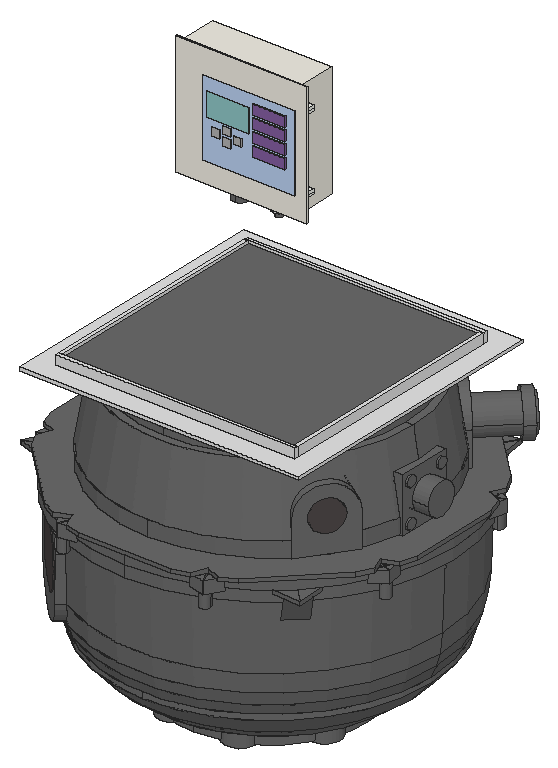
Revit family "281250s (200)", category Generic Models, Revit 2021
Family settings
  Can host rebar = No
  Round Connector Dimension = Use Diameter
  Part Type = Normal
  Work Plane-Based = No
  Always vertical = Yes
  Cut with Voids When Loaded = No
  Shared = Yes
  Room Calculation Point = No
Parameters (values of type "281250S")
  SUPPLIER = "KESSEL"
  SA700ID50 = "internal"
  SA700ID49 = "Protection Class I"
  SA700ID48 = "no"
  SA700ID47 = "no"
  SA700ID46 = "yes"
  SA700ID37 = 9000 mm
  SA700ID34 = 15.5
  SA700ID33 = 1.4 W
  SA700ID32 = 18.27 kg
  SA700ID31 = 1
  SA700ID30 = 1
  SA700ID29 = "RWDR"
  SA700ID21 = 900
  SA700ID10 = "No"
  SA700ID08 = 230 V
  PROCUREWEBLINK = "https://p.caden.as/kessel/281250S"
  PROCURELINK = "p.caden.as/kessel/281250S"
  PROCUREDATALASTUPDATE = "2024-05-22T12:17:21.284947562+01:00"
  PRC_SPECIFICATIONLINK = "https://ausschreiben.de/catalog/kessel/catalogItem/6dd9cbbd-9eb0-4519-be7c-f6a36aadcacb"
  NN = "Lifting station Aqualift S compact"
  NBSYN = "$SA810ID03. ($LODLEVEL.)"
  NB = "281250S (200)"
  Model = "281250S"
  Manufacturer = "KESSEL"
  MIdent = "{$CADENAS_DATA/23d-libs/kessel/kessel_vdi_import/4/entwaesserung/hebeanlage20aqualift20s20compact.prj},216 {STYP=ASS},{VTYP=3D},{NB=281250S (200)},{LINA=281250S},{NN=Lifting station Aqualift S compact},{DATE=21.11.2022 10:40:35},{GEOMDATE=21.11.2022 10:40:35},{VERSION=},{LINEID=180},{WBVAR=LODLEVEL},{WBNUMERIC=LODLEVEL}  {NB=281250S (200)},{LINA=281250S},{KT=DUMMY},{PREVIEW=../../bilder/ksb_w_281250s.png},{SA700ID04=Hebeanlage Aqualift S Compact, Tronic, GTF 1200, Bodenplatte, schwarz},{SA810ID06=04026092082683},{SA700ID34=15.50},{SA010ID03=201805},{SA810ID03=281250S},{SA810ID10=Die steckerfertige Hebeanlage für fäkalienfreies Abwasser ist mit einer überflutbaren Pumpe sowie einem Rückflussverhinderer ausgestattet. Der Sammelbehälter aus dauerhaft beständigem Kunststoff (PE) besitzt einen offenen Pumpenraum. Einhandverschlüsse ermöglichen die einfache Entnahme der integrierten Komponenten. Die Anlage zum Einbau in die Bodenplatte ist vormontiert zur bauseitigen Endmontage.Die Steuerung erfolgt durch ein anwenderfreundliches Schaltgerät, das optional über einen potentialfreien Kontakt in die Gebäudeleittechnik eingebunden werden oder Alarm- und Sammelstörmeldungen über eine GSM-Schnittstelle ausgeben kann.- mit teleskopischem Aufsatzstück für stufenlosen Höhen- und Niveauausgleich und integriertem Bodenablauf- Sammelbehälter aus PE, beständig gegen aggressive Abwässer und 3 m Grundwasser- inklusive Rückflussverhinderer für die Druckleitung- inklusive Stutzen für Zulauf und Kabelleerrohr- Pumpe mit Freistromrad für höchste BetriebssicherheitAusführung:Anlagenart: EinzelanlagePumpensteuerung: SchaltgerätRückflussverhinderer: integriertAuslieferungszustand: installationsfertig (Verbindungsteile sind bauseits anzuschließen)Einbausituation: Einbau in die BodenplatteAbwasserart: fäkalienfreiAllgemeine Merkmale:Farbe: schwarzNorm: EN 12050-2Abmessungen:Länge: 617 mmBreite: 585 mmBehälter/Grundkörper:Zulauf Nennweite (DN): 100 mmDruckabgang (DN): 32 mmDruckabgang (DA): 40 mmEinbautiefe: 490 - 620 mmNutzvolumen: 20 lArt der Höhenverstellbarkeit: teleskopisches AufsatzstückAbdeckungsmerkmale:Abdeckungsart: Abdeckplatte mit SchlitzrostAbdeckung Material: KunststoffAbdeckung Farbe: schwarzBelastungsklasse: K 3 (EN 1253-1)Länge: 366 mmBreite: 366 mmVerriegelung: Lock & LiftFreier Kugeldurchgang: 30 mmFördereinrichtung:Pumpe: GTF 1200Anzahl Pumpen: 1Förderleistung max.: 15,5 m3/hFörderhöhe max.: 9 mBetriebsspannung: 230 VNetzfrequenz: 50 HzBetriebsart: S3 - 10 %Leistung P1: 1,4 kWLeistung P2: 0,84 kWDrehzahl: 2.650 U/minErforderliche Absicherung (Leitungsschutz): C 16 AFörderguttemperatur (dauerhaft) max.: 40 °CAnschlusstyp: codierter SteckerLaufrad Typ: FreistromradLänge Netzanschlussleitung Pumpe: 5 mNennstrom: 6,2 ASchutzart Pumpe: IP 68 (3m)Typ Anschlussleitung Pumpe: H07RN-F 3G 1,0 mm2Temperaturüberwachung: integriertSteuerung:Schaltgerät: ComfortBetriebsspannung: 230 VNetzfrequenz: 50 HzSelbstdiagnosesystem (SDS): jaBatteriepufferung: jaMehrzeilige Displayanzeige: jaLogbuchfunktion: jaUSB-Schnittstelle: jaGSM-Schnittstelle: jaPotentialfreier Kontakt: optionalSchutzart Schaltgerät: IP 54Anschlusstyp: codierter SteckerLänge Netzanschlussleitung Schaltgerät: 1,4 mArt Niveauerfassung: pneumatischInstrument Niveauerfassung: TauchrohrAlarmgeber: optische Sonde},{SA700ID37=9.00},{SA700ID33=1.40},{SA700ID08=230},{SA700ID30=1},{SA700ID32=18.27},{SA700ID49=Schutzklasse I},{SA700ID50=intern},{SA200ID03=6},{SA250ID03=vertikal},{SA260ID03=Trockenläuferpumpe},{SA350ID03=normalansaugend},{SA400ID03=E-Motor für Wechselstrom},{SA460ID03=direkt},{SA500ID03=Kunststoff, Edelstahl},{SA700ID06=32},{SA700ID07=100},{SA700ID09=1/N/PE 230V },{SA700ID10=Nein},{SA700ID11=50},{SA700ID12=IP 68},{SA700ID13=F},{SA700ID15=35},{SA700ID21=900.00},{SA700ID22=0.84},{SA700ID23=2650},{SA700ID24=2650},{SA700ID26=6.20},{SA700ID27=14.90},{SA700ID28=durchgehend},{SA700ID29=RWDR},{SA700ID31=1},{SA700ID46=ja},{SA700ID47=nein},{SA700ID48=nein},{SA110ID04=Hebeanlage Aqualift S Compact},{SA300ID03=einstufig},{SA700ID44=10.00},{SA700ID45=10.00},{SA010ID04=KESSEL AG},{LODLEVEL=200},{LINK=https://www.kessel.de/info?han=281250S},{SA970ID01=970},{SA970ID02=14181},{SA970ID03=281250S},{SA970ID04=11002617},{SA970ID05=QUAD},{SA970ID06=-326},{SA970ID07=-291.04},{SA970ID08=0},{SA970ID09=1},{SA970ID10=0},{SA970ID11=0},{SA970ID12=0},{SA970ID13=1},{SA970ID14=0},{SA970ID15=617.04},{SA970ID16=582.09},{SA970ID17=506.5},{LODLEVEL_=200,'Low'},{LODLEVEL_DEU=200,'Low'},{LINK_=https://www.kessel.de/info?han=281250S},{LINK_DEU=https://www.kessel.de/info?han=281250S},{LODLEVEL_3DB=281250S_200},{DNIN1=100},{DNIN2=125},{DNIN3=100},{DNIN4=100},{DNOUT1=70},{DNOUT2=32},{ISD1=60},{ISD2=10},{ISD3=10},{SA010ID01=010},{SA010ID02=4},{SA010ID06=www.kessel.de},{SA010ID07=www.kessel.de},{SA010ID12=20180713},{SA010ID13=DEU},{SA010ID14=DE},{SA100ID01=100},{SA100ID02=4},{SA100ID04=Entwässerung},{SA110ID01=110},{SA110ID02=30},{SA200ID01=200},{SA200ID02=6},{SA250ID01=250},{SA250ID02=2},{SA260ID01=260},{SA260ID02=2},{SA300ID01=300},{SA300ID02=1},{SA350ID01=350},{SA350ID02=1},{SA400ID01=400},{SA400ID02=1},{SA460ID01=460},{SA460ID02=1},{SA500ID01=500},{SA500ID02=1},{SA700ID01=700},{SA700ID02=202},{SA700ID10_=0},{SA700ID16=0},{SA700ID25=0},{SA700ID46_=1},{SA700ID47_=0},{SA700ID48_=0},{SA700ID49_=1},{SA700ID50_=2},{SA800ID01=800},{SA800ID02=17},{SA810ID01=810},{SA810ID02=202},{SA810ID04=281250S},{SA810ID07=202},{SA810ID09=1},{SA810ID14=PCE},{SA810ID15=1},{SA810ID16=NMP},{SA960ID03=202},{SA960ID04=3L},{SA960ID08=https://www.kessel.de/info?han=281250S},{SA010ID08=4026092000007},{SA100ID05=Hebeanlage},{SA110ID06=Hebeanlage}"
  LINK = "https://www.kessel.de/info?han=281250S"
  LINA = "281250S"
  Default Elevation = 0 mm
  CREATOR = "CADENAS GmbH"
  CATALOG = "KESSEL"
  BOMINFO = "LINA"
  ARTICLENO = "NB"
  4.810.00.9 Order quantity (multiplicator) = "1"
  4.810.00.7 Media- connection number = "202"
  4.810.00.6 GTIN number = "04026092082683"
  4.810.00.4 DATANORM number = "281250S"
  4.810.00.3 Producer order number = "281250S"
  4.710.03.7 Mass (net) = 18.27 kg
  4.710.03.6 Height = 490 mm
  4.710.03.5 Width = 580 mm
  4.710.03.4 Length = 620 mm
  4.710.03.3 Type of dimensions = "2"
  4.710.02.8 Area of application of wastewater pump = "2"
  4.710.02.7 Art des S2/S3-Betriebs = "50 %"
  4.710.02.6 Duty type = "S3"
  4.710.02.5 Cutting device = "0"
  4.710.02.4 Attached pump control = "1"
  4.710.02.3 Free passage = 30 mm
  4.710.01.6 Option to connect to building automation = "30"
  4.710.01.5 Load regulation = "0"
  4.710.01.4 Designation of closed-loop control = "20"
  4.700.00.9 Voltage = 0
  4.700.00.8 Nominal connection size on suction side = "100"
  4.700.00.7 Nominal connection size on pressure side = "100"
  4.700.00.6 Type of connection = "32"
  4.700.00.4 Product indentification = "Hebeanlage Aqualift S Compact, Tronic, GTF 1200, Bodenplatte, schwarz"
  4.700.00.28 Motor pump shaft = "durchgehend"
  4.700.00.27 Starting current = 14.9
  4.700.00.26 Maximum power consumption per pump / drive = 6.2
  4.700.00.25 Minimum speed at internal speed adjustment = 0
  4.700.00.24 Nominal speed / maximum speed n = 44.1667
  4.700.00.23 Nominal speed of motor = 44.1667
  4.700.00.22 Maximum shaft output (P2) per pump/drive = 0.84 W
  4.700.00.16 Maximum temperature of pumped medium = 0 °C
  4.700.00.15 Increased safety class = "35 °C"
  4.700.00.13 Type of protection = "F"
  4.700.00.12 Frequency = 0
  4.700.00.11 Stern-/Dreieck-Anlaufschaltung bei Dreiphasenanschluss oder Drehstrom = "50 Hz"
  4.700.00.10 Phase = "0"
  4.500.00.3 Variant / Variant type / Accessories-name = "Kunststoff, Edelstahl"
  4.460.00.3 Variant / Variant type / Accessories-name = "direkt"
  4.400.00.3 Variant / Variant type / Accessories-name = "E-Motor für Wechselstrom"
  4.350.00.3 Variant / Variant type / Accessories-name = "normalansaugend"
  4.300.00.3 Variant / Variant type / Accessories-name = "einstufig"
  4.260.00.3 Variant / Variant type / Accessories-name = "Trockenläuferpumpe"
  4.250.00.3 Variant / Variant type / Accessories-name = "vertikal"
  4.200.00.3 Variant / Variant type / Accessories-name = "6"
  4.110.00.6 Product classification = "Hebeanlage"
  4.110.00.4 Product indentification = "Hebeanlage Aqualift S Compact"
  4.100.00.5 Main groups of wares = "Hebeanlage"
  4.100.00.4 Product indentification = "Entwässerung"
  4.010.00.8 Producer ID number = "4026092000007"
  4.010.00.7 Comment = "www.kessel.de"
  4.010.00.6 Web address of the manufacturer = "www.kessel.de"
  4.010.00.4 Manufacturer name = "KESSEL AG"
  4.010.00.3 Date of issuance (month) of guideline = "201805"
  4.010.00.2 Sheet number of the guideline = "4"
  4.010.00.14 Kennungen der Projektländer, für die die Datei gültig ist = "DE"
  4.010.00.13 Sprache der Datei = "DEU"
  4.010.00.12 Stand des Herstellerkatalogs = "20180713"
Reference planes
  plane 1 "Center (Front/Back)": y = 0
  plane 2: z = 0
  plane 3 "Center (Left/Right)": x = 0
Forms (mm)
  Extrusion 1, void
    sketch origin (-161, 217, 518.2) x (0, 1, 0) y (-1, 0, 0)
      loop
        line (-0.5, -0.5) -> (0.5, -0.5) -> (0.5, 0.5) -> (-0.5, 0.5) -> (-0.5, -0.5)
    from 0 to 1
  Extrusion 2, void
    sketch origin (-197.283, 197.283, 209) x (-0.707107, -0.707107, 0) y (0, 0, -1)
      loop
        line (-0.5, -0.5) -> (0.5, -0.5) -> (0.5, 0.5) -> (-0.5, 0.5) -> (-0.5, -0.5)
    from 0 to 1
  Extrusion 3, void
    sketch origin (-197.283, -197.283, 209) x (0.707107, -0.707107, 0) y (0, 0, -1)
      loop
        line (-0.5, -0.5) -> (0.5, -0.5) -> (0.5, 0.5) -> (-0.5, 0.5) -> (-0.5, -0.5)
    from 0 to 1
  Extrusion 4, void
    sketch origin (-247, 0, 370) x (0, -1, 0) y (0, 0, -1)
      loop
        line (-0.5, -0.5) -> (0.5, -0.5) -> (0.5, 0.5) -> (-0.5, 0.5) -> (-0.5, -0.5)
    from 0 to 1
  Extrusion 5, void
    sketch origin (242.226, 228.084, 376) x (-0.707107, 0.707107, 0) y (0, 0, -1)
      loop
        line (-0.5, -0.5) -> (0.5, -0.5) -> (0.5, 0.5) -> (-0.5, 0.5) -> (-0.5, -0.5)
    from 0 to 1
  Extrusion 6, void
    sketch origin (228.084, 242.226, 376) x (-0.707107, 0.707107, 0) y (0, 0, -1)
      loop
        line (-0.5, -0.5) -> (0.5, -0.5) -> (0.5, 0.5) -> (-0.5, 0.5) -> (-0.5, -0.5)
    from 0 to 1
  Extrusion 7, void
    sketch origin (242.226, 228.084, 364) x (-0.707107, 0.707107, 0) y (0, 0, -1)
      loop
        line (-0.5, -0.5) -> (0.5, -0.5) -> (0.5, 0.5) -> (-0.5, 0.5) -> (-0.5, -0.5)
    from 0 to 1
  Extrusion 8, void
    sketch origin (228.084, 242.226, 364) x (-0.707107, 0.707107, 0) y (0, 0, -1)
      loop
        line (-0.5, -0.5) -> (0.5, -0.5) -> (0.5, 0.5) -> (-0.5, 0.5) -> (-0.5, -0.5)
    from 0 to 1
Dimensions and locks
  locked: plane 2 to Extrusion 1 at 519.2
  locked: plane 2 to Extrusion 1 at 518.2
  locked: plane 2 to Extrusion 2 at 208.5
  locked: plane 2 to Extrusion 2 at 209.5
  locked: plane 2 to Extrusion 3 at 208.5
  locked: plane 2 to Extrusion 3 at 209.5
  locked: plane 2 to Extrusion 4 at 369.5
  locked: plane 2 to Extrusion 4 at 370.5
  locked: plane 2 to Extrusion 5 at 375.5
  locked: plane 2 to Extrusion 5 at 376.5
  locked: plane 2 to Extrusion 6 at 375.5
  locked: plane 2 to Extrusion 6 at 376.5
  locked: plane 2 to Extrusion 7 at 363.5
  locked: plane 2 to Extrusion 7 at 364.5
  locked: plane 2 to Extrusion 8 at 363.5
  locked: plane 2 to Extrusion 8 at 364.5
  aligned and locked: level to plane 2
Nested families
  nested 1: "281250s (200)_content" at (0, 0, 0), type "281250S (200)_Content"
  nested 2: "281250s (200)_part1_X0Y0" at (-194, 244.5, 558), type "281250S_PART1_X0Y0"
  nested 3: "281250s (200)_part2_X0Y0" at (0, 0, 0), type "281250S_PART2_X0Y0"
Connectors
  electrical at (-257.5, 217, 524.5)
    settings: on nested 2, index 1, voltage 0 V, apparent load 0 VA, apparent load phase1 0 VA, apparent load phase2 0 VA, apparent load phase3 0 VA, power factor 1, load classification "Other", number of poles 1, system type 31, power factor state 1, is connector primary yes, connector utility no, sub classification motor no, connector description ""
  electrical at (-223, 217, 521)
    settings: on nested 2, index 2, voltage 0 V, apparent load 0 VA, apparent load phase1 0 VA, apparent load phase2 0 VA, apparent load phase3 0 VA, power factor 1, load classification "Other", number of poles 1, system type 31, power factor state 1, is connector primary no, connector utility no, sub classification motor no, connector description ""
  electrical at (-189, 217, 530.9)
    settings: on nested 2, index 3, voltage 0 V, apparent load 0 VA, apparent load phase1 0 VA, apparent load phase2 0 VA, apparent load phase3 0 VA, power factor 1, load classification "Other", number of poles 1, system type 31, power factor state 1, is connector primary no, connector utility no, sub classification motor no, connector description ""
  electrical at (-161, 217, 518.2)
    settings: on Extrusion 1, index 4, voltage 0 V, apparent load 0 VA, apparent load phase1 0 VA, apparent load phase2 0 VA, apparent load phase3 0 VA, power factor 1, load classification "Other", number of poles 1, system type 31, power factor state 1, is connector primary no, connector utility no, sub classification motor no, connector description ""
  electrical at (-136.5, 217, 557.2)
    settings: on nested 2, index 5, voltage 0 V, apparent load 0 VA, apparent load phase1 0 VA, apparent load phase2 0 VA, apparent load phase3 0 VA, power factor 1, load classification "Other", number of poles 1, system type 31, power factor state 1, is connector primary no, connector utility no, sub classification motor no, connector description ""
  electrical at (-114.5, 217, 557.2)
    settings: on nested 2, index 6, voltage 0 V, apparent load 0 VA, apparent load phase1 0 VA, apparent load phase2 0 VA, apparent load phase3 0 VA, power factor 1, load classification "Other", number of poles 1, system type 31, power factor state 1, is connector primary no, connector utility no, sub classification motor no, connector description ""
  piping at (-326, 0, 209), diameter 125
    settings: on nested 3, index 7, connector inside diameter 609.6 mm, connector length 0 mm, flow factor 0, pipe flow 0.0 L/s, pressure drop 0.0 Pa, fitting loss kfactor 0, connector angle 0.00°, fixture units 0, engagement length 0 mm, angle of deflection 0.00°, flow configuration 0, flow direction 1, fitting loss method 2, system type 29, joint type 0, gender type 0, connector reference index -1, connector utility 0, adjustable connector no, is connector primary yes, connector description ""
  piping at (-197.283, 197.283, 209), diameter 100
    settings: on Extrusion 2, index 8, connector inside diameter 609.6 mm, connector length 0 mm, flow factor 0, pipe flow 0.0 L/s, pressure drop 0.0 Pa, fitting loss kfactor 0, connector angle 0.00°, fixture units 0, engagement length 0 mm, angle of deflection 0.00°, flow configuration 0, flow direction 0, fitting loss method 2, system type 29, joint type 0, gender type 0, connector reference index -1, connector utility 0, adjustable connector no, is connector primary no, connector description ""
  piping at (-197.283, -197.283, 209), diameter 100
    settings: on Extrusion 3, index 9, connector inside diameter 609.6 mm, connector length 0 mm, flow factor 0, pipe flow 0.0 L/s, pressure drop 0.0 Pa, fitting loss kfactor 0, connector angle 0.00°, fixture units 0, engagement length 0 mm, angle of deflection 0.00°, flow configuration 0, flow direction 0, fitting loss method 2, system type 29, joint type 0, gender type 0, connector reference index -1, connector utility 0, adjustable connector no, is connector primary no, connector description ""
  piping at (-247, 0, 370), diameter 70
    settings: on Extrusion 4, index 10, connector inside diameter 609.6 mm, connector length 0 mm, flow factor 0, pipe flow 0.0 L/s, pressure drop 0.0 Pa, fitting loss kfactor 0, connector angle 0.00°, fixture units 0, engagement length 0 mm, angle of deflection 0.00°, flow configuration 0, flow direction 0, fitting loss method 2, system type 29, joint type 0, gender type 0, connector reference index -1, connector utility 0, adjustable connector no, is connector primary no, connector description ""
  piping at (272.5, -3, 363.25), diameter 32
    settings: on nested 3, index 11, connector inside diameter 609.6 mm, connector length 0 mm, flow factor 0, pipe flow 0.0 L/s, pressure drop 0.0 Pa, fitting loss kfactor 0, connector angle 0.00°, fixture units 0, engagement length 0 mm, angle of deflection 0.00°, flow configuration 0, flow direction 2, fitting loss method 2, system type 29, joint type 0, gender type 0, connector reference index -1, connector utility 0, adjustable connector no, is connector primary no, connector description ""
  electrical at (242.226, 228.084, 376)
    settings: on Extrusion 5, index 12, voltage 0 V, apparent load 0 VA, apparent load phase1 0 VA, apparent load phase2 0 VA, apparent load phase3 0 VA, power factor 1, load classification "Other", number of poles 1, system type 31, power factor state 1, is connector primary no, connector utility no, sub classification motor no, connector description ""
  electrical at (228.084, 242.226, 376)
    settings: on Extrusion 6, index 13, voltage 0 V, apparent load 0 VA, apparent load phase1 0 VA, apparent load phase2 0 VA, apparent load phase3 0 VA, power factor 1, load classification "Other", number of poles 1, system type 31, power factor state 1, is connector primary no, connector utility no, sub classification motor no, connector description ""
  electrical at (242.226, 228.084, 364)
    settings: on Extrusion 7, index 14, voltage 0 V, apparent load 0 VA, apparent load phase1 0 VA, apparent load phase2 0 VA, apparent load phase3 0 VA, power factor 1, load classification "Other", number of poles 1, system type 31, power factor state 1, is connector primary no, connector utility no, sub classification motor no, connector description ""
  electrical at (228.084, 242.226, 364)
    settings: on Extrusion 8, index 15, voltage 0 V, apparent load 0 VA, apparent load phase1 0 VA, apparent load phase2 0 VA, apparent load phase3 0 VA, power factor 1, load classification "Other", number of poles 1, system type 31, power factor state 1, is connector primary no, connector utility no, sub classification motor no, connector description ""
Definition of nested family "281250s (200)_part1_X0Y0"
  Parameters (values of type "281250S_PART1_X0Y0")
    SUPPLIER = "KESSEL"
    SA700ID50 = "internal"
    SA700ID49 = "Protection Class I"
    SA700ID48 = "no"
    SA700ID47 = "no"
    SA700ID46 = "yes"
    SA700ID37 = 9000 mm
    SA700ID34 = 15.5
    SA700ID33 = 1.4 W
    SA700ID32 = 18.27 kg
    SA700ID31 = 1
    SA700ID30 = 1
    SA700ID29 = "RWDR"
    SA700ID21 = 900
    SA700ID10 = "No"
    SA700ID08 = 230 V
    NBSYN = "$SA810ID03. ($LODLEVEL.)_PART1"
    NB = "281250S (200)_PART1"
    Model = "281250S_PART1"
    Manufacturer = "KESSEL"
    MIdent = "{$CADENAS_DATA/23d-libs/kessel/kessel_vdi_import/4/entwaesserung/hebeanlage20aqualift20s20compact.prj},236 {VTYP=3D},{NB=281250S (200)_PART1},{LINA=281250S_PART1},{NN=Lifting station Aqualift S compact_PART1},{NOPRJ=TRUE},{DATE=21.11.2022 10:40:35},{GEOMDATE=21.11.2022 10:40:35},{VERSION=},{LINEID=180},{WBVAR=LODLEVEL},{WBNUMERIC=LODLEVEL}  {NB=281250S (200)_PART1},{LINA=281250S_PART1},{KT=DUMMY},{PREVIEW=../../bilder/ksb_w_281250s.png},{SA700ID04=Hebeanlage Aqualift S Compact, Tronic, GTF 1200, Bodenplatte, schwarz},{SA810ID06=04026092082683},{SA700ID34=15.50},{SA010ID03=201805},{SA810ID03=281250S},{SA810ID10=Die steckerfertige Hebeanlage für fäkalienfreies Abwasser ist mit einer überflutbaren Pumpe sowie einem Rückflussverhinderer ausgestattet. Der Sammelbehälter aus dauerhaft beständigem Kunststoff (PE) besitzt einen offenen Pumpenraum. Einhandverschlüsse ermöglichen die einfache Entnahme der integrierten Komponenten. Die Anlage zum Einbau in die Bodenplatte ist vormontiert zur bauseitigen Endmontage.Die Steuerung erfolgt durch ein anwenderfreundliches Schaltgerät, das optional über einen potentialfreien Kontakt in die Gebäudeleittechnik eingebunden werden oder Alarm- und Sammelstörmeldungen über eine GSM-Schnittstelle ausgeben kann.- mit teleskopischem Aufsatzstück für stufenlosen Höhen- und Niveauausgleich und integriertem Bodenablauf- Sammelbehälter aus PE, beständig gegen aggressive Abwässer und 3 m Grundwasser- inklusive Rückflussverhinderer für die Druckleitung- inklusive Stutzen für Zulauf und Kabelleerrohr- Pumpe mit Freistromrad für höchste BetriebssicherheitAusführung:Anlagenart: EinzelanlagePumpensteuerung: SchaltgerätRückflussverhinderer: integriertAuslieferungszustand: installationsfertig (Verbindungsteile sind bauseits anzuschließen)Einbausituation: Einbau in die BodenplatteAbwasserart: fäkalienfreiAllgemeine Merkmale:Farbe: schwarzNorm: EN 12050-2Abmessungen:Länge: 617 mmBreite: 585 mmBehälter/Grundkörper:Zulauf Nennweite (DN): 100 mmDruckabgang (DN): 32 mmDruckabgang (DA): 40 mmEinbautiefe: 490 - 620 mmNutzvolumen: 20 lArt der Höhenverstellbarkeit: teleskopisches AufsatzstückAbdeckungsmerkmale:Abdeckungsart: Abdeckplatte mit SchlitzrostAbdeckung Material: KunststoffAbdeckung Farbe: schwarzBelastungsklasse: K 3 (EN 1253-1)Länge: 366 mmBreite: 366 mmVerriegelung: Lock & LiftFreier Kugeldurchgang: 30 mmFördereinrichtung:Pumpe: GTF 1200Anzahl Pumpen: 1Förderleistung max.: 15,5 m3/hFörderhöhe max.: 9 mBetriebsspannung: 230 VNetzfrequenz: 50 HzBetriebsart: S3 - 10 %Leistung P1: 1,4 kWLeistung P2: 0,84 kWDrehzahl: 2.650 U/minErforderliche Absicherung (Leitungsschutz): C 16 AFörderguttemperatur (dauerhaft) max.: 40 °CAnschlusstyp: codierter SteckerLaufrad Typ: FreistromradLänge Netzanschlussleitung Pumpe: 5 mNennstrom: 6,2 ASchutzart Pumpe: IP 68 (3m)Typ Anschlussleitung Pumpe: H07RN-F 3G 1,0 mm2Temperaturüberwachung: integriertSteuerung:Schaltgerät: ComfortBetriebsspannung: 230 VNetzfrequenz: 50 HzSelbstdiagnosesystem (SDS): jaBatteriepufferung: jaMehrzeilige Displayanzeige: jaLogbuchfunktion: jaUSB-Schnittstelle: jaGSM-Schnittstelle: jaPotentialfreier Kontakt: optionalSchutzart Schaltgerät: IP 54Anschlusstyp: codierter SteckerLänge Netzanschlussleitung Schaltgerät: 1,4 mArt Niveauerfassung: pneumatischInstrument Niveauerfassung: TauchrohrAlarmgeber: optische Sonde},{SA700ID37=9.00},{SA700ID33=1.40},{SA700ID08=230},{SA700ID30=1},{SA700ID32=18.27},{SA700ID49=Schutzklasse I},{SA700ID50=intern},{SA200ID03=6},{SA250ID03=vertikal},{SA260ID03=Trockenläuferpumpe},{SA350ID03=normalansaugend},{SA400ID03=E-Motor für Wechselstrom},{SA460ID03=direkt},{SA500ID03=Kunststoff, Edelstahl},{SA700ID06=32},{SA700ID07=100},{SA700ID09=1/N/PE 230V },{SA700ID10=Nein},{SA700ID11=50},{SA700ID12=IP 68},{SA700ID13=F},{SA700ID15=35},{SA700ID21=900.00},{SA700ID22=0.84},{SA700ID23=2650},{SA700ID24=2650},{SA700ID26=6.20},{SA700ID27=14.90},{SA700ID28=durchgehend},{SA700ID29=RWDR},{SA700ID31=1},{SA700ID46=ja},{SA700ID47=nein},{SA700ID48=nein},{SA110ID04=Hebeanlage Aqualift S Compact},{SA300ID03=einstufig},{SA700ID44=10.00},{SA700ID45=10.00},{SA010ID04=KESSEL AG},{LODLEVEL=200},{LINK=https://www.kessel.de/info?han=281250S},{SA970ID01=970},{SA970ID02=14181},{SA970ID03=281250S},{SA970ID04=11002617},{SA970ID05=QUAD},{SA970ID06=-326},{SA970ID07=-291.04},{SA970ID08=0},{SA970ID09=1},{SA970ID10=0},{SA970ID11=0},{SA970ID12=0},{SA970ID13=1},{SA970ID14=0},{SA970ID15=617.04},{SA970ID16=582.09},{SA970ID17=506.5},{LODLEVEL_=200,'Low'},{LODLEVEL_DEU=200,'Low'},{LINK_=https://www.kessel.de/info?han=281250S},{LINK_DEU=https://www.kessel.de/info?han=281250S},{LODLEVEL_3DB=281250S_200},{DNIN1=100},{DNIN2=125},{DNIN3=100},{DNIN4=100},{DNOUT1=70},{DNOUT2=32},{ISD1=60},{ISD2=10},{ISD3=10},{SA010ID01=010},{SA010ID02=4},{SA010ID06=www.kessel.de},{SA010ID07=www.kessel.de},{SA010ID12=20180713},{SA010ID13=DEU},{SA010ID14=DE},{SA100ID01=100},{SA100ID02=4},{SA100ID04=Entwässerung},{SA110ID01=110},{SA110ID02=30},{SA200ID01=200},{SA200ID02=6},{SA250ID01=250},{SA250ID02=2},{SA260ID01=260},{SA260ID02=2},{SA300ID01=300},{SA300ID02=1},{SA350ID01=350},{SA350ID02=1},{SA400ID01=400},{SA400ID02=1},{SA460ID01=460},{SA460ID02=1},{SA500ID01=500},{SA500ID02=1},{SA700ID01=700},{SA700ID02=202},{SA700ID10_=0},{SA700ID16=0},{SA700ID25=0},{SA700ID46_=1},{SA700ID47_=0},{SA700ID48_=0},{SA700ID49_=1},{SA700ID50_=2},{SA800ID01=800},{SA800ID02=17},{SA810ID01=810},{SA810ID02=202},{SA810ID04=281250S},{SA810ID07=202},{SA810ID09=1},{SA810ID14=PCE},{SA810ID15=1},{SA810ID16=NMP},{SA960ID03=202},{SA960ID04=3L},{SA960ID08=https://www.kessel.de/info?han=281250S},{SA010ID08=4026092000007},{SA100ID05=Hebeanlage},{SA110ID06=Hebeanlage}"
    LINK = "https://www.kessel.de/info?han=281250S"
    LINA = "281250S_PART1"
    Default Elevation = 1219.2 mm
    CREATOR = "CADENAS GmbH"
    CATALOG = "KESSEL"
    BOMINFO = "LINA"
    ARTICLENO = "NB"
    4.810.00.9 Order quantity (multiplicator) = "1"
    4.810.00.7 Media- connection number = "202"
    4.810.00.6 GTIN number = "04026092082683"
    4.810.00.4 DATANORM number = "281250S"
    4.810.00.3 Producer order number = "281250S"
    4.710.03.7 Mass (net) = 18.27 kg
    4.710.03.6 Height = 490 mm
    4.710.03.5 Width = 580 mm
    4.710.03.4 Length = 620 mm
    4.710.03.3 Type of dimensions = "2"
    4.710.02.8 Area of application of wastewater pump = "2"
    4.710.02.7 Art des S2/S3-Betriebs = "50 %"
    4.710.02.6 Duty type = "S3"
    4.710.02.5 Cutting device = "0"
    4.710.02.4 Attached pump control = "1"
    4.710.02.3 Free passage = 30 mm
    4.710.01.6 Option to connect to building automation = "30"
    4.710.01.5 Load regulation = "0"
    4.710.01.4 Designation of closed-loop control = "20"
    4.700.00.9 Voltage = 0
    4.700.00.8 Nominal connection size on suction side = "100"
    4.700.00.7 Nominal connection size on pressure side = "100"
    4.700.00.6 Type of connection = "32"
    4.700.00.4 Product indentification = "Hebeanlage Aqualift S Compact, Tronic, GTF 1200, Bodenplatte, schwarz"
    4.700.00.28 Motor pump shaft = "durchgehend"
    4.700.00.27 Starting current = 14.9
    4.700.00.26 Maximum power consumption per pump / drive = 6.2
    4.700.00.25 Minimum speed at internal speed adjustment = 0
    4.700.00.24 Nominal speed / maximum speed n = 44.1667
    4.700.00.23 Nominal speed of motor = 44.1667
    4.700.00.22 Maximum shaft output (P2) per pump/drive = 0.84 W
    4.700.00.16 Maximum temperature of pumped medium = 0 °C
    4.700.00.15 Increased safety class = "35 °C"
    4.700.00.13 Type of protection = "F"
    4.700.00.12 Frequency = 0
    4.700.00.11 Stern-/Dreieck-Anlaufschaltung bei Dreiphasenanschluss oder Drehstrom = "50 Hz"
    4.700.00.10 Phase = "0"
    4.500.00.3 Variant / Variant type / Accessories-name = "Kunststoff, Edelstahl"
    4.460.00.3 Variant / Variant type / Accessories-name = "direkt"
    4.400.00.3 Variant / Variant type / Accessories-name = "E-Motor für Wechselstrom"
    4.350.00.3 Variant / Variant type / Accessories-name = "normalansaugend"
    4.300.00.3 Variant / Variant type / Accessories-name = "einstufig"
    4.260.00.3 Variant / Variant type / Accessories-name = "Trockenläuferpumpe"
    4.250.00.3 Variant / Variant type / Accessories-name = "vertikal"
    4.200.00.3 Variant / Variant type / Accessories-name = "6"
    4.110.00.6 Product classification = "Hebeanlage"
    4.110.00.4 Product indentification = "Hebeanlage Aqualift S Compact"
    4.100.00.5 Main groups of wares = "Hebeanlage"
    4.100.00.4 Product indentification = "Entwässerung"
    4.010.00.8 Producer ID number = "4026092000007"
    4.010.00.7 Comment = "www.kessel.de"
    4.010.00.6 Web address of the manufacturer = "www.kessel.de"
    4.010.00.4 Manufacturer name = "KESSEL AG"
    4.010.00.3 Date of issuance (month) of guideline = "201805"
    4.010.00.2 Sheet number of the guideline = "4"
    4.010.00.14 Kennungen der Projektländer, für die die Datei gültig ist = "DE"
    4.010.00.13 Sprache der Datei = "DEU"
    4.010.00.12 Stand des Herstellerkatalogs = "20180713"
  Reference planes
    plane 1 "Center (Front/Back)": y = 0
    plane 2: z = 0
    plane 3 "Center (Left/Right)": x = 0
  Dimensions and locks
    aligned and locked: level to plane 2
  Nested families
    nested 1: "281250s (200)_part1_content" at (0, 0, 0), type "281250S (200)_PART1_Content"
  Definition of nested family "281250s (200)_part1_content"
    Parameters (values of type "281250S (200)_PART1_Content")
      SUPPLIER = "KESSEL"
      SA700ID50 = "internal"
      SA700ID49 = "Protection Class I"
      SA700ID48 = "no"
      SA700ID47 = "no"
      SA700ID46 = "yes"
      SA700ID37 = 9000 mm
      SA700ID34 = 15.5
      SA700ID33 = 1.4 W
      SA700ID32 = 18.27 kg
      SA700ID31 = 1
      SA700ID30 = 1
      SA700ID29 = "RWDR"
      SA700ID21 = 900
      SA700ID10 = "No"
      SA700ID08 = 230 V
      NBSYN = "$SA810ID03. ($LODLEVEL.)_PART1"
      NB = "281250S (200)_PART1"
      Model = "281250S_PART1"
      Manufacturer = "KESSEL"
      LINK = "https://www.kessel.de/info?han=281250S"
      LINA = "281250S_PART1"
      Default Elevation = 1219.2 mm
      CREATOR = "CADENAS GmbH"
      CATALOG = "KESSEL"
      BOMINFO = "LINA"
      ARTICLENO = "NB"
      4.810.00.9 Order quantity (multiplicator) = "1"
      4.810.00.7 Media- connection number = "202"
      4.810.00.6 GTIN number = "04026092082683"
      4.810.00.4 DATANORM number = "281250S"
      4.810.00.3 Producer order number = "281250S"
      4.710.03.7 Mass (net) = 18.27 kg
      4.710.03.6 Height = 490 mm
      4.710.03.5 Width = 580 mm
      4.710.03.4 Length = 620 mm
      4.710.03.3 Type of dimensions = "2"
      4.710.02.8 Area of application of wastewater pump = "2"
      4.710.02.7 Art des S2/S3-Betriebs = "50 %"
      4.710.02.6 Duty type = "S3"
      4.710.02.5 Cutting device = "0"
      4.710.02.4 Attached pump control = "1"
      4.710.02.3 Free passage = 30 mm
      4.710.01.6 Option to connect to building automation = "30"
      4.710.01.5 Load regulation = "0"
      4.710.01.4 Designation of closed-loop control = "20"
      4.700.00.9 Voltage = 0
      4.700.00.8 Nominal connection size on suction side = "100"
      4.700.00.7 Nominal connection size on pressure side = "100"
      4.700.00.6 Type of connection = "32"
      4.700.00.4 Product indentification = "Hebeanlage Aqualift S Compact, Tronic, GTF 1200, Bodenplatte, schwarz"
      4.700.00.28 Motor pump shaft = "durchgehend"
      4.700.00.27 Starting current = 14.9
      4.700.00.26 Maximum power consumption per pump / drive = 6.2
      4.700.00.25 Minimum speed at internal speed adjustment = 0
      4.700.00.24 Nominal speed / maximum speed n = 44.1667
      4.700.00.23 Nominal speed of motor = 44.1667
      4.700.00.22 Maximum shaft output (P2) per pump/drive = 0.84 W
      4.700.00.16 Maximum temperature of pumped medium = 0 °C
      4.700.00.15 Increased safety class = "35 °C"
      4.700.00.13 Type of protection = "F"
      4.700.00.12 Frequency = 0
      4.700.00.11 Stern-/Dreieck-Anlaufschaltung bei Dreiphasenanschluss oder Drehstrom = "50 Hz"
      4.700.00.10 Phase = "0"
      4.500.00.3 Variant / Variant type / Accessories-name = "Kunststoff, Edelstahl"
      4.460.00.3 Variant / Variant type / Accessories-name = "direkt"
      4.400.00.3 Variant / Variant type / Accessories-name = "E-Motor für Wechselstrom"
      4.350.00.3 Variant / Variant type / Accessories-name = "normalansaugend"
      4.300.00.3 Variant / Variant type / Accessories-name = "einstufig"
      4.260.00.3 Variant / Variant type / Accessories-name = "Trockenläuferpumpe"
      4.250.00.3 Variant / Variant type / Accessories-name = "vertikal"
      4.200.00.3 Variant / Variant type / Accessories-name = "6"
      4.110.00.6 Product classification = "Hebeanlage"
      4.110.00.4 Product indentification = "Hebeanlage Aqualift S Compact"
      4.100.00.5 Main groups of wares = "Hebeanlage"
      4.100.00.4 Product indentification = "Entwässerung"
      4.010.00.8 Producer ID number = "4026092000007"
      4.010.00.7 Comment = "www.kessel.de"
      4.010.00.6 Web address of the manufacturer = "www.kessel.de"
      4.010.00.4 Manufacturer name = "KESSEL AG"
      4.010.00.3 Date of issuance (month) of guideline = "201805"
      4.010.00.2 Sheet number of the guideline = "4"
      4.010.00.14 Kennungen der Projektländer, für die die Datei gültig ist = "DE"
      4.010.00.13 Sprache der Datei = "DEU"
      4.010.00.12 Stand des Herstellerkatalogs = "20180713"
    Reference planes
      plane 1 "Center (Front/Back)": y = 0
      plane 2: z = 0
      plane 3 "Center (Left/Right)": x = 0
    Forms (mm)
      Extrusion 1, solid, detail levels medium+fine
        sketch origin (94.5, 0, 0) x (0, -1, 0) y (0, 0, 1)
          loop
            line (0, 181) -> (0, 0) -> (66, 0) -> (66, 181) -> (0, 181)
        from 0 to 189
      Extrusion 2, solid, detail levels medium+fine
        sketch origin (108.5, -66, -7) x (0, -1, 0) y (0, 0, 1)
          loop
            line (0, 194) -> (0, 0) -> (2, 0) -> (2, 194) -> (0, 194)
        from 0 to 208
      Extrusion 3, solid, detail levels medium+fine
        sketch origin (90, -68, 26.5) x (0, -1, 0) y (0, 0, 1)
          loop
            line (-1.25, 120) -> (-1.25, 0) -> (0.25, 0) -> (0.25, 120) -> (-1.25, 120)
        from 0 to 146
      Extrusion 4, solid, detail levels medium+fine
        sketch origin (5.5, -68.25, 66) x (0, -1, 0) y (0, 0, 1)
          loop
            line (-1, 12) -> (-1, 0) -> (0.5, 0) -> (0.5, 12) -> (-1, 12)
        from 0 to 12
      Extrusion 5, solid, detail levels medium+fine
        sketch origin (76.25, -68.25, 79) x (0, -1, 0) y (0, 0, 1)
          loop
            line (0, 16) -> (0, 0) -> (1.75, 0) -> (1.75, 16) -> (0, 16)
        from 0 to 51
      Extrusion 6, solid, detail levels medium+fine
        sketch origin (-11.75, -68.25, 74) x (0, -1, 0) y (0, 0, 1)
          loop
            line (-1, 12) -> (-1, 0) -> (0.5, 0) -> (0.5, 12) -> (-1, 12)
        from 0 to 12
      Extrusion 7, solid, detail levels medium+fine
        sketch origin (76.25, -68.25, 59) x (0, -1, 0) y (0, 0, 1)
          loop
            line (0, 16) -> (0, 0) -> (1.75, 0) -> (1.75, 16) -> (0, 16)
        from 0 to 51
      Extrusion 8, solid, detail levels medium+fine
        sketch origin (17.4, -68.25, 89.5) x (0, -1, 0) y (0, 0, 1)
          loop
            line (-1, 37) -> (-1, 0) -> (0.5, 0) -> (0.5, 37) -> (-1, 37)
        from 0 to 66
      Extrusion 9, solid, detail levels medium+fine
        sketch origin (76.25, -68.25, 99) x (0, -1, 0) y (0, 0, 1)
          loop
            line (0, 16) -> (0, 0) -> (1.75, 0) -> (1.75, 16) -> (0, 16)
        from 0 to 51
      Extrusion 10, solid, detail levels medium+fine
        sketch origin (-11.75, -68.25, 57.5) x (0, -1, 0) y (0, 0, 1)
          loop
            line (-1, 12) -> (-1, 0) -> (0.5, 0) -> (0.5, 12) -> (-1, 12)
        from 0 to 12
      Extrusion 11, solid, detail levels medium+fine
        sketch origin (76.25, -68.25, 119) x (0, -1, 0) y (0, 0, 1)
          loop
            line (0, 16) -> (0, 0) -> (1.75, 0) -> (1.75, 16) -> (0, 16)
        from 0 to 51
      Extrusion 12, solid, detail levels medium+fine
        sketch origin (-29, -68.25, 66) x (0, -1, 0) y (0, 0, 1)
          loop
            line (-1, 12) -> (-1, 0) -> (0.5, 0) -> (0.5, 12) -> (-1, 12)
        from 0 to 12
      Extrusion 13, solid, detail levels medium+fine
        sketch origin (5, -27.5, 0) x (1, 0, 0) y (0, -1, 0)
          loop
            circle (0, 0) r 11
        from 0 to 17.3
      Extrusion 14, solid, detail levels medium+fine
        sketch origin (5, -27.5, -16.3) x (1, 0, 0) y (0, -1, 0)
          loop
            circle (0, 0) r 8.65
        from 0 to 10.8
      Extrusion 15, solid, detail levels medium+fine
        sketch origin (-29, -27.5, 0) x (1, 0, 0) y (0, -1, 0)
          loop
            circle (0, 0) r 11.4
        from 0 to 9
      Extrusion 16, solid, detail levels medium+fine
        sketch origin (-29, -27.5, -9) x (1, 0, 0) y (0, -1, 0)
          loop
            circle (0, 0) r 11.75
        from 0 to 28
      Extrusion 17, solid, detail levels medium+fine
        sketch origin (33, -27.5, 0) x (1, 0, 0) y (0, -1, 0)
          loop
            circle (0, 0) r 11
        from 0 to 11
      Extrusion 18, solid, detail levels medium+fine
        sketch origin (33, -27.5, -11) x (1, 0, 0) y (0, -1, 0)
          loop
            circle (0, 0) r 11
        from 0 to 19.8
      Extrusion 19, solid, detail levels medium+fine
        sketch origin (33, -27.5, -29.8) x (1, 0, 0) y (0, -1, 0)
          loop
            circle (0, 0) r 6
        from 0 to 9
      Extrusion 20, solid, detail levels medium+fine
        sketch origin (57.5, -27.5, 2) x (1, 0, 0) y (0, -1, 0)
          loop
            circle (0, 0) r 10
        from 0 to 2.8
      Extrusion 21, solid, detail levels medium+fine
        sketch origin (106.5, -50, 145) x (0, -1, 0) y (0, 0, 1)
          loop
            line (0, 4) -> (0, 0) -> (16, 0) -> (16, 4) -> (0, 4)
        from 0 to 12
      Extrusion 22, solid, detail levels medium+fine
        sketch origin (106.5, -50, 149) x (0, -1, 0) y (0, 0, 1)
          loop
            line (0, 4) -> (0, 0) -> (12, 0) -> (12, 4) -> (0, 4)
        from 0 to 16
      Extrusion 23, solid, detail levels medium+fine
        sketch origin (106.5, -50, 26) x (0, -1, 0) y (0, 0, 1)
          loop
            line (0, 4) -> (0, 0) -> (16, 0) -> (16, 4) -> (0, 4)
        from 0 to 12
      Extrusion 24, solid, detail levels medium+fine
        sketch origin (106.5, -50, 30) x (0, -1, 0) y (0, 0, 1)
          loop
            line (0, 4) -> (0, 0) -> (12, 0) -> (12, 4) -> (0, 4)
        from 0 to 16
      Extrusion 25, solid, detail levels medium+fine
        sketch origin (-63.5, -27.5, 0) x (1, 0, 0) y (0, -1, 0)
          loop
            circle (0, 0) r 11
        from 0 to 23.5
      Extrusion 26, solid, detail levels medium+fine
        sketch origin (-63.5, -27.5, -23.5) x (1, 0, 0) y (0, -1, 0)
          loop
            circle (0, 0) r 3
        from 0 to 10
      Extrusion 27, solid, detail levels medium+fine
        sketch origin (79.5, -27.5, 2) x (1, 0, 0) y (0, -1, 0)
          loop
            circle (0, 0) r 10
        from 0 to 2.8
      Extrusion 28, solid, detail levels coarse
        sketch origin (4.5, -35, -38.8) x (1, 0, 0) y (0, 1, 0)
          loop
            line (-104, -35) -> (104, -35) -> (104, 35) -> (-104, 35) -> (-104, -35)
        from 0 to 225.8
    Dimensions and locks
      aligned and locked: level to plane 2
Definition of nested family "281250s (200)_part2_X0Y0"
  Parameters (values of type "281250S_PART2_X0Y0")
    SUPPLIER = "KESSEL"
    SA700ID50 = "internal"
    SA700ID49 = "Protection Class I"
    SA700ID48 = "no"
    SA700ID47 = "no"
    SA700ID46 = "yes"
    SA700ID37 = 9000 mm
    SA700ID34 = 15.5
    SA700ID33 = 1.4 W
    SA700ID32 = 18.27 kg
    SA700ID31 = 1
    SA700ID30 = 1
    SA700ID29 = "RWDR"
    SA700ID21 = 900
    SA700ID10 = "No"
    SA700ID08 = 230 V
    NBSYN = "$SA810ID03. ($LODLEVEL.)_PART2"
    NB = "281250S (200)_PART2"
    Model = "281250S_PART2"
    Manufacturer = "KESSEL"
    MIdent = "{$CADENAS_DATA/23d-libs/kessel/kessel_vdi_import/4/entwaesserung/hebeanlage20aqualift20s20compact.prj},236 {VTYP=3D},{NB=281250S (200)_PART2},{LINA=281250S_PART2},{NN=Lifting station Aqualift S compact_PART2},{NOPRJ=TRUE},{DATE=21.11.2022 10:40:35},{GEOMDATE=21.11.2022 10:40:35},{VERSION=},{LINEID=180},{WBVAR=LODLEVEL},{WBNUMERIC=LODLEVEL}  {NB=281250S (200)_PART2},{LINA=281250S_PART2},{KT=DUMMY},{PREVIEW=../../bilder/ksb_w_281250s.png},{SA700ID04=Hebeanlage Aqualift S Compact, Tronic, GTF 1200, Bodenplatte, schwarz},{SA810ID06=04026092082683},{SA700ID34=15.50},{SA010ID03=201805},{SA810ID03=281250S},{SA810ID10=Die steckerfertige Hebeanlage für fäkalienfreies Abwasser ist mit einer überflutbaren Pumpe sowie einem Rückflussverhinderer ausgestattet. Der Sammelbehälter aus dauerhaft beständigem Kunststoff (PE) besitzt einen offenen Pumpenraum. Einhandverschlüsse ermöglichen die einfache Entnahme der integrierten Komponenten. Die Anlage zum Einbau in die Bodenplatte ist vormontiert zur bauseitigen Endmontage.Die Steuerung erfolgt durch ein anwenderfreundliches Schaltgerät, das optional über einen potentialfreien Kontakt in die Gebäudeleittechnik eingebunden werden oder Alarm- und Sammelstörmeldungen über eine GSM-Schnittstelle ausgeben kann.- mit teleskopischem Aufsatzstück für stufenlosen Höhen- und Niveauausgleich und integriertem Bodenablauf- Sammelbehälter aus PE, beständig gegen aggressive Abwässer und 3 m Grundwasser- inklusive Rückflussverhinderer für die Druckleitung- inklusive Stutzen für Zulauf und Kabelleerrohr- Pumpe mit Freistromrad für höchste BetriebssicherheitAusführung:Anlagenart: EinzelanlagePumpensteuerung: SchaltgerätRückflussverhinderer: integriertAuslieferungszustand: installationsfertig (Verbindungsteile sind bauseits anzuschließen)Einbausituation: Einbau in die BodenplatteAbwasserart: fäkalienfreiAllgemeine Merkmale:Farbe: schwarzNorm: EN 12050-2Abmessungen:Länge: 617 mmBreite: 585 mmBehälter/Grundkörper:Zulauf Nennweite (DN): 100 mmDruckabgang (DN): 32 mmDruckabgang (DA): 40 mmEinbautiefe: 490 - 620 mmNutzvolumen: 20 lArt der Höhenverstellbarkeit: teleskopisches AufsatzstückAbdeckungsmerkmale:Abdeckungsart: Abdeckplatte mit SchlitzrostAbdeckung Material: KunststoffAbdeckung Farbe: schwarzBelastungsklasse: K 3 (EN 1253-1)Länge: 366 mmBreite: 366 mmVerriegelung: Lock & LiftFreier Kugeldurchgang: 30 mmFördereinrichtung:Pumpe: GTF 1200Anzahl Pumpen: 1Förderleistung max.: 15,5 m3/hFörderhöhe max.: 9 mBetriebsspannung: 230 VNetzfrequenz: 50 HzBetriebsart: S3 - 10 %Leistung P1: 1,4 kWLeistung P2: 0,84 kWDrehzahl: 2.650 U/minErforderliche Absicherung (Leitungsschutz): C 16 AFörderguttemperatur (dauerhaft) max.: 40 °CAnschlusstyp: codierter SteckerLaufrad Typ: FreistromradLänge Netzanschlussleitung Pumpe: 5 mNennstrom: 6,2 ASchutzart Pumpe: IP 68 (3m)Typ Anschlussleitung Pumpe: H07RN-F 3G 1,0 mm2Temperaturüberwachung: integriertSteuerung:Schaltgerät: ComfortBetriebsspannung: 230 VNetzfrequenz: 50 HzSelbstdiagnosesystem (SDS): jaBatteriepufferung: jaMehrzeilige Displayanzeige: jaLogbuchfunktion: jaUSB-Schnittstelle: jaGSM-Schnittstelle: jaPotentialfreier Kontakt: optionalSchutzart Schaltgerät: IP 54Anschlusstyp: codierter SteckerLänge Netzanschlussleitung Schaltgerät: 1,4 mArt Niveauerfassung: pneumatischInstrument Niveauerfassung: TauchrohrAlarmgeber: optische Sonde},{SA700ID37=9.00},{SA700ID33=1.40},{SA700ID08=230},{SA700ID30=1},{SA700ID32=18.27},{SA700ID49=Schutzklasse I},{SA700ID50=intern},{SA200ID03=6},{SA250ID03=vertikal},{SA260ID03=Trockenläuferpumpe},{SA350ID03=normalansaugend},{SA400ID03=E-Motor für Wechselstrom},{SA460ID03=direkt},{SA500ID03=Kunststoff, Edelstahl},{SA700ID06=32},{SA700ID07=100},{SA700ID09=1/N/PE 230V },{SA700ID10=Nein},{SA700ID11=50},{SA700ID12=IP 68},{SA700ID13=F},{SA700ID15=35},{SA700ID21=900.00},{SA700ID22=0.84},{SA700ID23=2650},{SA700ID24=2650},{SA700ID26=6.20},{SA700ID27=14.90},{SA700ID28=durchgehend},{SA700ID29=RWDR},{SA700ID31=1},{SA700ID46=ja},{SA700ID47=nein},{SA700ID48=nein},{SA110ID04=Hebeanlage Aqualift S Compact},{SA300ID03=einstufig},{SA700ID44=10.00},{SA700ID45=10.00},{SA010ID04=KESSEL AG},{LODLEVEL=200},{LINK=https://www.kessel.de/info?han=281250S},{SA970ID01=970},{SA970ID02=14181},{SA970ID03=281250S},{SA970ID04=11002617},{SA970ID05=QUAD},{SA970ID06=-326},{SA970ID07=-291.04},{SA970ID08=0},{SA970ID09=1},{SA970ID10=0},{SA970ID11=0},{SA970ID12=0},{SA970ID13=1},{SA970ID14=0},{SA970ID15=617.04},{SA970ID16=582.09},{SA970ID17=506.5},{LODLEVEL_=200,'Low'},{LODLEVEL_DEU=200,'Low'},{LINK_=https://www.kessel.de/info?han=281250S},{LINK_DEU=https://www.kessel.de/info?han=281250S},{LODLEVEL_3DB=281250S_200},{DNIN1=100},{DNIN2=125},{DNIN3=100},{DNIN4=100},{DNOUT1=70},{DNOUT2=32},{ISD1=60},{ISD2=10},{ISD3=10},{SA010ID01=010},{SA010ID02=4},{SA010ID06=www.kessel.de},{SA010ID07=www.kessel.de},{SA010ID12=20180713},{SA010ID13=DEU},{SA010ID14=DE},{SA100ID01=100},{SA100ID02=4},{SA100ID04=Entwässerung},{SA110ID01=110},{SA110ID02=30},{SA200ID01=200},{SA200ID02=6},{SA250ID01=250},{SA250ID02=2},{SA260ID01=260},{SA260ID02=2},{SA300ID01=300},{SA300ID02=1},{SA350ID01=350},{SA350ID02=1},{SA400ID01=400},{SA400ID02=1},{SA460ID01=460},{SA460ID02=1},{SA500ID01=500},{SA500ID02=1},{SA700ID01=700},{SA700ID02=202},{SA700ID10_=0},{SA700ID16=0},{SA700ID25=0},{SA700ID46_=1},{SA700ID47_=0},{SA700ID48_=0},{SA700ID49_=1},{SA700ID50_=2},{SA800ID01=800},{SA800ID02=17},{SA810ID01=810},{SA810ID02=202},{SA810ID04=281250S},{SA810ID07=202},{SA810ID09=1},{SA810ID14=PCE},{SA810ID15=1},{SA810ID16=NMP},{SA960ID03=202},{SA960ID04=3L},{SA960ID08=https://www.kessel.de/info?han=281250S},{SA010ID08=4026092000007},{SA100ID05=Hebeanlage},{SA110ID06=Hebeanlage}"
    LINK = "https://www.kessel.de/info?han=281250S"
    LINA = "281250S_PART2"
    Default Elevation = 1219.2 mm
    CREATOR = "CADENAS GmbH"
    CATALOG = "KESSEL"
    BOMINFO = "LINA"
    ARTICLENO = "NB"
    4.810.00.9 Order quantity (multiplicator) = "1"
    4.810.00.7 Media- connection number = "202"
    4.810.00.6 GTIN number = "04026092082683"
    4.810.00.4 DATANORM number = "281250S"
    4.810.00.3 Producer order number = "281250S"
    4.710.03.7 Mass (net) = 18.27 kg
    4.710.03.6 Height = 490 mm
    4.710.03.5 Width = 580 mm
    4.710.03.4 Length = 620 mm
    4.710.03.3 Type of dimensions = "2"
    4.710.02.8 Area of application of wastewater pump = "2"
    4.710.02.7 Art des S2/S3-Betriebs = "50 %"
    4.710.02.6 Duty type = "S3"
    4.710.02.5 Cutting device = "0"
    4.710.02.4 Attached pump control = "1"
    4.710.02.3 Free passage = 30 mm
    4.710.01.6 Option to connect to building automation = "30"
    4.710.01.5 Load regulation = "0"
    4.710.01.4 Designation of closed-loop control = "20"
    4.700.00.9 Voltage = 0
    4.700.00.8 Nominal connection size on suction side = "100"
    4.700.00.7 Nominal connection size on pressure side = "100"
    4.700.00.6 Type of connection = "32"
    4.700.00.4 Product indentification = "Hebeanlage Aqualift S Compact, Tronic, GTF 1200, Bodenplatte, schwarz"
    4.700.00.28 Motor pump shaft = "durchgehend"
    4.700.00.27 Starting current = 14.9
    4.700.00.26 Maximum power consumption per pump / drive = 6.2
    4.700.00.25 Minimum speed at internal speed adjustment = 0
    4.700.00.24 Nominal speed / maximum speed n = 44.1667
    4.700.00.23 Nominal speed of motor = 44.1667
    4.700.00.22 Maximum shaft output (P2) per pump/drive = 0.84 W
    4.700.00.16 Maximum temperature of pumped medium = 0 °C
    4.700.00.15 Increased safety class = "35 °C"
    4.700.00.13 Type of protection = "F"
    4.700.00.12 Frequency = 0
    4.700.00.11 Stern-/Dreieck-Anlaufschaltung bei Dreiphasenanschluss oder Drehstrom = "50 Hz"
    4.700.00.10 Phase = "0"
    4.500.00.3 Variant / Variant type / Accessories-name = "Kunststoff, Edelstahl"
    4.460.00.3 Variant / Variant type / Accessories-name = "direkt"
    4.400.00.3 Variant / Variant type / Accessories-name = "E-Motor für Wechselstrom"
    4.350.00.3 Variant / Variant type / Accessories-name = "normalansaugend"
    4.300.00.3 Variant / Variant type / Accessories-name = "einstufig"
    4.260.00.3 Variant / Variant type / Accessories-name = "Trockenläuferpumpe"
    4.250.00.3 Variant / Variant type / Accessories-name = "vertikal"
    4.200.00.3 Variant / Variant type / Accessories-name = "6"
    4.110.00.6 Product classification = "Hebeanlage"
    4.110.00.4 Product indentification = "Hebeanlage Aqualift S Compact"
    4.100.00.5 Main groups of wares = "Hebeanlage"
    4.100.00.4 Product indentification = "Entwässerung"
    4.010.00.8 Producer ID number = "4026092000007"
    4.010.00.7 Comment = "www.kessel.de"
    4.010.00.6 Web address of the manufacturer = "www.kessel.de"
    4.010.00.4 Manufacturer name = "KESSEL AG"
    4.010.00.3 Date of issuance (month) of guideline = "201805"
    4.010.00.2 Sheet number of the guideline = "4"
    4.010.00.14 Kennungen der Projektländer, für die die Datei gültig ist = "DE"
    4.010.00.13 Sprache der Datei = "DEU"
    4.010.00.12 Stand des Herstellerkatalogs = "20180713"
  Reference planes
    plane 1 "Center (Front/Back)": y = 0
    plane 2: z = 0
    plane 3 "Center (Left/Right)": x = 0
  Dimensions and locks
    aligned and locked: level to plane 2
  Nested families
    nested 1: "281250s (200)_part2_content" at (0, 0, 0), type "281250S (200)_PART2_Content"
  Definition of nested family "281250s (200)_part2_content"
    Parameters (values of type "281250S (200)_PART2_Content")
      SUPPLIER = "KESSEL"
      SA700ID50 = "internal"
      SA700ID49 = "Protection Class I"
      SA700ID48 = "no"
      SA700ID47 = "no"
      SA700ID46 = "yes"
      SA700ID37 = 9000 mm
      SA700ID34 = 15.5
      SA700ID33 = 1.4 W
      SA700ID32 = 18.27 kg
      SA700ID31 = 1
      SA700ID30 = 1
      SA700ID29 = "RWDR"
      SA700ID21 = 900
      SA700ID10 = "No"
      SA700ID08 = 230 V
      NBSYN = "$SA810ID03. ($LODLEVEL.)_PART2"
      NB = "281250S (200)_PART2"
      Model = "281250S_PART2"
      Manufacturer = "KESSEL"
      LINK = "https://www.kessel.de/info?han=281250S"
      LINA = "281250S_PART2"
      Default Elevation = 1219.2 mm
      CREATOR = "CADENAS GmbH"
      CATALOG = "KESSEL"
      BOMINFO = "LINA"
      ARTICLENO = "NB"
      4.810.00.9 Order quantity (multiplicator) = "1"
      4.810.00.7 Media- connection number = "202"
      4.810.00.6 GTIN number = "04026092082683"
      4.810.00.4 DATANORM number = "281250S"
      4.810.00.3 Producer order number = "281250S"
      4.710.03.7 Mass (net) = 18.27 kg
      4.710.03.6 Height = 490 mm
      4.710.03.5 Width = 580 mm
      4.710.03.4 Length = 620 mm
      4.710.03.3 Type of dimensions = "2"
      4.710.02.8 Area of application of wastewater pump = "2"
      4.710.02.7 Art des S2/S3-Betriebs = "50 %"
      4.710.02.6 Duty type = "S3"
      4.710.02.5 Cutting device = "0"
      4.710.02.4 Attached pump control = "1"
      4.710.02.3 Free passage = 30 mm
      4.710.01.6 Option to connect to building automation = "30"
      4.710.01.5 Load regulation = "0"
      4.710.01.4 Designation of closed-loop control = "20"
      4.700.00.9 Voltage = 0
      4.700.00.8 Nominal connection size on suction side = "100"
      4.700.00.7 Nominal connection size on pressure side = "100"
      4.700.00.6 Type of connection = "32"
      4.700.00.4 Product indentification = "Hebeanlage Aqualift S Compact, Tronic, GTF 1200, Bodenplatte, schwarz"
      4.700.00.28 Motor pump shaft = "durchgehend"
      4.700.00.27 Starting current = 14.9
      4.700.00.26 Maximum power consumption per pump / drive = 6.2
      4.700.00.25 Minimum speed at internal speed adjustment = 0
      4.700.00.24 Nominal speed / maximum speed n = 44.1667
      4.700.00.23 Nominal speed of motor = 44.1667
      4.700.00.22 Maximum shaft output (P2) per pump/drive = 0.84 W
      4.700.00.16 Maximum temperature of pumped medium = 0 °C
      4.700.00.15 Increased safety class = "35 °C"
      4.700.00.13 Type of protection = "F"
      4.700.00.12 Frequency = 0
      4.700.00.11 Stern-/Dreieck-Anlaufschaltung bei Dreiphasenanschluss oder Drehstrom = "50 Hz"
      4.700.00.10 Phase = "0"
      4.500.00.3 Variant / Variant type / Accessories-name = "Kunststoff, Edelstahl"
      4.460.00.3 Variant / Variant type / Accessories-name = "direkt"
      4.400.00.3 Variant / Variant type / Accessories-name = "E-Motor für Wechselstrom"
      4.350.00.3 Variant / Variant type / Accessories-name = "normalansaugend"
      4.300.00.3 Variant / Variant type / Accessories-name = "einstufig"
      4.260.00.3 Variant / Variant type / Accessories-name = "Trockenläuferpumpe"
      4.250.00.3 Variant / Variant type / Accessories-name = "vertikal"
      4.200.00.3 Variant / Variant type / Accessories-name = "6"
      4.110.00.6 Product classification = "Hebeanlage"
      4.110.00.4 Product indentification = "Hebeanlage Aqualift S Compact"
      4.100.00.5 Main groups of wares = "Hebeanlage"
      4.100.00.4 Product indentification = "Entwässerung"
      4.010.00.8 Producer ID number = "4026092000007"
      4.010.00.7 Comment = "www.kessel.de"
      4.010.00.6 Web address of the manufacturer = "www.kessel.de"
      4.010.00.4 Manufacturer name = "KESSEL AG"
      4.010.00.3 Date of issuance (month) of guideline = "201805"
      4.010.00.2 Sheet number of the guideline = "4"
      4.010.00.14 Kennungen der Projektländer, für die die Datei gültig ist = "DE"
      4.010.00.13 Sprache der Datei = "DEU"
      4.010.00.12 Stand des Herstellerkatalogs = "20180713"
    Reference planes
      plane 1 "Center (Front/Back)": y = 0
      plane 2: z = 0
      plane 3 "Center (Left/Right)": x = 0
    Forms (mm)
      Extrusion 1, solid, detail levels medium+fine
        sketch origin (0, 0, 2) x (0, 1, 0) y (-1, 0, 0)
          loop
            circle (0, 0) r 153
        from 0 to 26.5
      Revolve 2, solid, detail levels medium+fine
        sketch origin (0, 0, 21) x (0, 0, 1) y (-1, 0, 0)
          loop
            line (0, 0) -> (16, 0) -> (16, 193) -> (0, 153) -> (0, 0)
          axis (16, 0) -> (0, 0)
        angle from -360 to 0
      Revolve 3, solid, detail levels medium+fine
        sketch origin (0, 0, 37) x (0, 0, 1) y (-1, 0, 0)
          loop
            line (0, 0) -> (24, 0) -> (24, 225) -> (0, 193) -> (0, 0)
          axis (24, 0) -> (0, 0)
        angle from -360 to 0
      Revolve 4, solid, detail levels medium+fine
        sketch origin (0, 0, 61) x (0, 0, 1) y (-1, 0, 0)
          loop
            line (0, 0) -> (33, 0) -> (33, 255) -> (0, 225) -> (0, 0)
          axis (33, 0) -> (0, 0)
        angle from -360 to 0
      Extrusion 5, solid, detail levels medium+fine
        sketch origin (0, 0, 94) x (0, 1, 0) y (-1, 0, 0)
          loop
            circle (0, 0) r 255
        from 0 to 9
      Revolve 6, solid, detail levels medium+fine
        sketch origin (0, 0, 103) x (0, 0, 1) y (-1, 0, 0)
          loop
            line (0, 0) -> (18, 0) -> (18, 263.5) -> (0, 255) -> (0, 0)
          axis (18, 0) -> (0, 0)
        angle from -360 to 0
      Revolve 7, solid, detail levels medium+fine
        sketch origin (0, 0, 121) x (0, 0, 1) y (-1, 0, 0)
          loop
            line (0, 0) -> (20, 0) -> (20, 269.5) -> (0, 263.5) -> (0, 0)
          axis (20, 0) -> (0, 0)
        angle from -360 to 0
      Revolve 8, solid, detail levels medium+fine
        sketch origin (0, 0, 141) x (0, 0, 1) y (-1, 0, 0)
          loop
            line (0, 0) -> (30, 0) -> (30, 272.75) -> (0, 269.5) -> (0, 0)
          axis (30, 0) -> (0, 0)
        angle from -360 to 0
      Revolve 9, solid, detail levels medium+fine
        sketch origin (0, 0, 171) x (0, 0, 1) y (-1, 0, 0)
          loop
            line (0, 0) -> (111, 0) -> (111, 277) -> (0, 272.75) -> (0, 0)
          axis (111, 0) -> (0, 0)
        angle from -360 to 0
      Extrusion 10, solid, detail levels medium+fine
        sketch origin (0, 0, 282) x (0, 1, 0) y (-1, 0, 0)
          loop
            circle (0, 0) r 290.5
        from 0 to 18
      Extrusion 11, solid, detail levels medium+fine
        sketch origin (0, 0, 300) x (0, 1, 0) y (-1, 0, 0)
          loop
            circle (0, 0) r 291
        from 0 to 14
      Extrusion 12, solid, detail levels medium+fine
        sketch origin (0, 0, 314) x (1, 0, 0) y (0, 1, 0)
          loop
            line (-291.044, -72.937) -> (-283.487, -98.291) -> (-260.422, -107.913) -> (-269.955, -130.928) -> (-257.458, -154.14) -> (-154.225, -257.373) -> (-130.953, -269.958) -> (-107.84, -260.453) -> (-98.307, -283.467) -> (-73.056, -291.044) -> (72.937, -291.044) -> (98.291, -283.487) -> (107.913, -260.422) -> (130.928, -269.955) -> (154.14, -257.458) -> (257.694, -153.632) -> (269.958, -130.953) -> (260.394, -107.864) -> (283.467, -98.307) -> (291.044, -73.056) -> (291.044, 72.937) -> (283.487, 98.291) -> (260.422, 107.913) -> (269.955, 130.928) -> (257.458, 154.14) -> (154.225, 257.373) -> (130.953, 269.958) -> (107.84, 260.453) -> (98.307, 283.467) -> (73.056, 291.044) -> (-72.937, 291.044) -> (-98.291, 283.487) -> (-107.913, 260.422) -> (-130.928, 269.955) -> (-154.14, 257.458) -> (-257.373, 154.225) -> (-269.958, 130.953) -> (-260.453, 107.84) -> (-283.467, 98.307) -> (-291.044, 73.056) -> (-291.044, -72.937)
        from 0 to 6
      Extrusion 13, solid, detail levels medium+fine
        sketch origin (0, 0, 320) x (0, 1, 0) y (-1, 0, 0)
          loop
            circle (0, 0) r 245.25
        from 0 to 24.5
      Revolve 14, solid, detail levels medium+fine
        sketch origin (0, 0, 344.5) x (0, 0, 1) y (-1, 0, 0)
          loop
            line (0, 0) -> (106.5, 0) -> (106.5, 227) -> (0, 245.25) -> (0, 0)
          axis (106.5, 0) -> (0, 0)
        angle from -360 to 0
      Extrusion 15, solid, detail levels medium+fine
        sketch origin (0, 0, 451) x (0, 1, 0) y (-1, 0, 0)
          loop
            circle (0, 0) r 214.5
